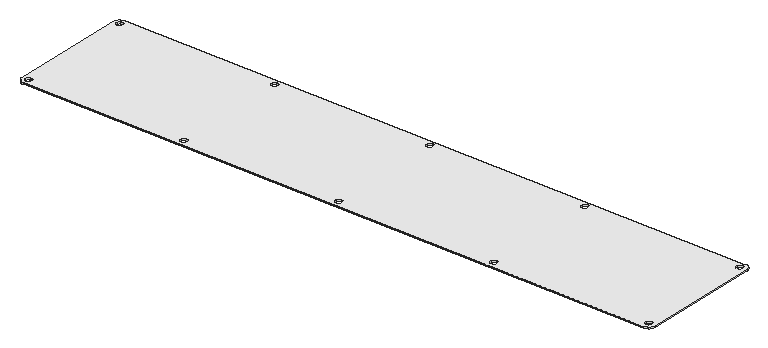
Revit family "KG110 - Kick Plate", category Specialty Equipment, Revit 2020
Family settings
  Round Connector Dimension = Use Diameter
  Part Type = Normal
  Work Plane-Based = No
  Always vertical = No
  Cut with Voids When Loaded = No
  Shared = No
  Room Calculation Point = No
Parameters
  Width [instance] = 1000 mm
  URL = "https://kingswaygroupglobal.com/"
  Model = ModelNumber  # "KG110"
  Height [instance] = 200 mm  # constant formula
  WarrantyStartDate [instance] = "1900-12-31T23:59:59"
  WarrantyGuarantorParts = "sales@kingswaygroup.co.uk"
  WarrantyGuarantorLabor = "n/a"
  WarrantyDurationUnit = "year"
  WarrantyDurationParts = "5"
  WarrantyDurationLabor = "n/a"
  WarrantyDescription = "5-Year Guarantee *For faulty manufacture and not for damage"
  Version = "1"
  Uniclass2015Version = "Products v1.36"
  Uniclass2015Title = "Kick plates"
  Uniclass2015Code = "Pr_30_36_33_45"
  TagNumber [instance] = "n/a"
  SustainabilityPerformance = "n/a"
  Size = "1000 x 200 x 1.5 mm"
  Shape = "n/a"
  SerialNumber [instance] = "n/a"
  Revision = "n/a"
  ReplacementCost = "n/a"
  ProductInformation = "https://kingswaygroupglobal.com/product/kick-plate?noredirect=true"
  NominalWidth = 1.5 mm  # constant formula
  NominalLength = 1000 mm  # constant formula
  NominalHeight = 200 mm  # constant formula
  Name = "KickPlates_KickPlate_KG110_KingswayGroup"
  ModelReference = "Kick Plate"
  ModelNumber = "KG110"
  PlateMaterial = NBS_Concept
  Material = "Stainless Steel"
  ManufacturerURL = "https://kingswaygroupglobal.com/"
  ManufacturerName = "Kingsway Group"  # constant formula
  Manufacturer = ManufacturerName  # "Kingsway Group"
  InstallationDate [instance] = "1900-12-31T23:59:59"
  IfcExportType = "USERDEFINED"  # constant formula
  IfcExportAs = "IfcDiscreteAccessoryType"  # constant formula
  Grade = "n/a"
  Finish = "For full range of available finishes and colours, contact Kingsway Group"
  Features = "A highly durable Kick Plate manufactured from stainless steel sheet to exact dimensions to suit specific door widths"
  ExpectedLife = "n/a"
  DurationUnit = "year"
  Description = "Kick Plate"
  Default Elevation = 0 mm
  Constituents = "n/a"
  Color = "For full range of available finishes and colours, contact Kingsway Group"
  CodePerformance = "n/a"
  Category = "Pr_30_36_33_45:Kick plates"
  BarCode [instance] = "n/a"
  BIMObjectName = "KingswayGroup_KickPlates_KickPlate"
  Author = "Kingsway Group"  # constant formula
  AssetType = "Fixed"
  AssetIdentifier [instance] = "n/a"
  AccessibilityPerformance = "n/a"
Reference planes
  plane 1 "Center (Front/Back)": y = 0
  plane 2: z = 0
  plane 3 "Center (Left/Right)": x = 0
  plane 4: x = -500
  plane 5: y = -100
  plane 6: y = 100
  plane 7: x = 500
Forms (mm)
  Extrusion 1, solid, material "NBS_Concept" <- "PlateMaterial"
    sketch origin (0, 0, 0) x (1, 0, 0) y (0, 1, 0)
      loop
        arc (-500, -90) -> (-497.071, -97.071) -> (-490, -100) r 10
        line (-490, -100) -> (490, -100)
        arc (490, -100) -> (497.071, -97.071) -> (500, -90) r 10
        line (500, -90) -> (500, 90)
        arc (500, 90) -> (497.071, 97.071) -> (490, 100) r 10
        line (490, 100) -> (-490, 100)
        arc (-490, 100) -> (-497.071, 97.071) -> (-500, 90) r 10
        line (-500, 90) -> (-500, -90)
      loop
        circle (-490, 90) r 5
      loop
        circle (490, 90) r 5
      loop
        circle (-490, -90) r 5
      loop
        circle (0, 90) r 5
      loop
        circle (0, -90) r 5
      loop
        circle (-245, -90) r 5
      loop
        circle (-245, 90) r 5
      loop
        circle (245, 90) r 5
      loop
        circle (490, -90) r 5
      loop
        circle (245, -90) r 5
    from 0 to 1.5
Dimensions and locks
  equal spacing: plane 4, plane 3 "Center (Left/Right)", plane 7
  equal spacing: plane 5, plane 1 "Center (Front/Back)", plane 6
  "Height": plane 5 to plane 6
  "Width": plane 4 to plane 7
  Extrusion 1 sketch curve to Extrusion 1 sketch curve = 10 mm  (x2)
  plane 4 to Extrusion 1 sketch curve = 10 mm  (x2)
  Extrusion 1 sketch curve to plane 6 = 10 mm  (x3)
  Extrusion 1 sketch curve to plane 7 = 10 mm  (x2)
  Extrusion 1 sketch curve to plane 5 = 10 mm  (x4)
  equal spacing: Extrusion 1 sketch curve, Extrusion 1 sketch curve, Extrusion 1 sketch curve
  equal spacing: plane 4, Extrusion 1 sketch curve, plane 7  (x2)
  equal spacing: Extrusion 1 sketch curve, Extrusion 1 sketch curve, plane 3 "Center (Left/Right)"
  equal spacing: plane 3 "Center (Left/Right)", Extrusion 1 sketch curve, Extrusion 1 sketch curve  (x2)
  aligned and locked: level to plane 2
  aligned and locked: Extrusion 1 sketch curve to plane 6
  aligned and locked: plane 4 to Extrusion 1 sketch curve
  aligned and locked: Extrusion 1 sketch curve to plane 5
  aligned and locked: plane 7 to Extrusion 1 sketch curve
Automatic sketch dimensions
  Extrusion 1 sketch curve to Extrusion 1 sketch curve = 0 mm  (x7)
  plane 5 to Extrusion 1 sketch curve = 10 mm
  radius of Extrusion 1 sketch curve = 5 mm  (x10)
